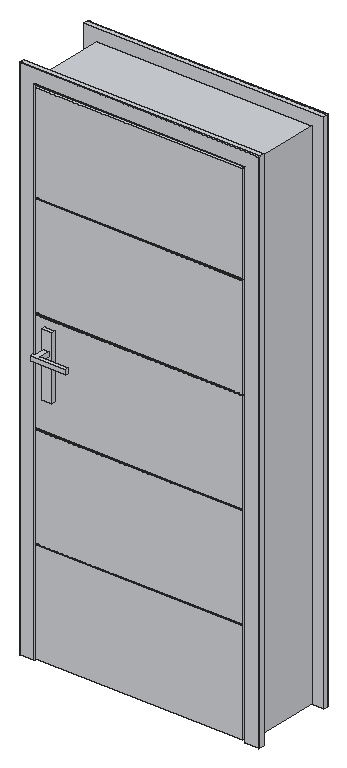
Revit family "PortaVECTORbp_E", category Drzwi, Revit 2016
Family settings
  Obiekt nadrzędny = Ściana
  Zawsze pionowo = Tak
  Tnij formami wycięć po wczytaniu = Nie
  Współdzielony = Nie
  Punkt obliczania pomieszczeń = Nie
Parameters (values of type "PN 80")
  Zakres szerokości muru [instance] = if(and(Szerokość ściany > 94 mm, Szerokość ściany < 120 mm), "B", (if(and(Szerokość ściany > 119 mm, Szerokość ściany < 140 mm), "C", (if(and(Szerokość ściany > 139 mm, Szerokość ściany < 160 mm), "D", (if(and(Szerokość ściany > 159 mm, Szerokość ściany < 180 mm), "E", (if(and(Szerokość ściany > 179 mm, Szerokość ściany < 200 mm), "F", (if(and(Szerokość ściany > 199 mm, Szerokość ściany < 220 mm), "G", (if(and(Szerokość ściany > 219 mm, Szerokość ściany < 240 mm), "H", (if(and(Szerokość ściany > 239 mm, Szerokość ściany < 260 mm), "I", (if(and(Szerokość ściany > 259 mm, Szerokość ściany < 280 mm), "J", (if(and(Szerokość ściany > 279 mm, Szerokość ściany < 301 mm), "K", "BRAK")))))))))))))))))))  # "K"
  Wysokość brutto = 2060 mm
  Szerokość ściany [instance] = 300 mm
  Szerokość brutto = 880 mm
  Model = "Porta Vector E"
  Konstrukcja analityczna = "<Brak>"
  Funkcja = Wewnętrzna
  URL = "www.porta.com.pl"
  Ss = 818 mm
  Sb = 846 mm
  Producent = "PORTA KMI POLAND"
  Keynote = ""
  Opis = "Własność Porta KMI Poland, wszelkie prawa zastrzeżone."  # constant formula
  Wysokość = 2016 mm
  Zakończenie ściany = Wg obiektu nadrzędnego
  Szerokość = 800 mm
  Materiał_skrzydło [instance] = none
  Materiał_ościeżnica [instance] = none
  Materiał_klamka [instance] = none
  Hs = 2017 mm
Types (5, lengths in mm): name | Szerokość brutto | Ss | Sb | Szerokość
  PN 70 | 780 | 718 | 746 | 700
  PN 60 | 680 | 618 | 646 | 600
  PN 80 | 880 | 818 | 846 | 800
  PN 90 | 980 | 918 | 946 | 900
  PN 100 | 1080 | 1018 | 1046 | 1000
Reference planes
  plane 1: y = 0
  plane 2 "Środek (Lewa/Prawa)": x = 0
  plane 3 "Lewy": x = -440
  plane 4 "Prawy": x = 440
  plane 5: z = 2060
  plane 6 "Zewnętrzna": y = 150
  plane 7 "Wewnętrzna": y = -150
  plane 8 "skrzydło": y = -129
Forms (mm)
  Sweep 1, solid, material <- "Materiał_ościeżnica"
    path in 3D
      loop
        line (-440, -150, 0) -> (-440, -150, 2060) -> (440, -150, 2060) -> (440, -150, 0)
    profile origin (-440, -150, 1030) x (0, -1, 0) y (1, 0, 0)
      loop
        line (-24, 39) -> (-72, 39) -> (-72, 17) -> (0, 17) -> (0, -33) -> (16, -33)
        arc (16, -33) -> (18.121, -32.121) -> (19, -30) r 3
        line (19, -30) -> (19, 24)
        arc (19, 24) -> (18.121, 26.121) -> (16, 27) r 3
        line (16, 27) -> (-24, 27) -> (-24, 39)
  Sweep 2, solid, material <- "Materiał_ościeżnica"
    path in 3D
      loop
        line (440, 150, 0) -> (440, 150, 2060) -> (-440, 150, 2060) -> (-440, 150, 0)
    profile origin (-440, 150, 1030) x (1, 0, 0) y (0, 1, 0)
      loop
        line (-33, 0) -> (17, 0) -> (17, -228) -> (39, -228) -> (39, -1)
        arc (39, -1) -> (37.536, 2.536) -> (34, 4) r 5
        line (34, 4) -> (25, 4) -> (25, 16)
        arc (25, 16) -> (24.121, 18.121) -> (22, 19) r 3
        line (22, 19) -> (-30, 19)
        arc (-30, 19) -> (-32.121, 18.121) -> (-33, 16) r 3
        line (-33, 16) -> (-33, 0)
  Sweep 3, solid, not visible
    path in 3D
      loop
        line (-440, -150, 0) -> (-440, -150, 2060)
    profile origin (-440, -150, 1030) x (0, -1, 0) y (1, 0, 0)
      loop
        line (-151, 17) -> (-149, 17) -> (-149, 19) -> (-151, 19) -> (-151, 17)
Cuts and joins
  joined: Sweep 1, Sweep 2
Lines and regions (mm)
  Opening 1
    outline origin (-3050, -150, 0) x (1, 0, 0) y (0, 0, 1)
      loop
        line (2610, 0) -> (3490, 0) -> (3490, 2060) -> (2610, 2060) -> (2610, 0)
  sketch lines
    curve 1: line (-440, -150, 0) -> (-440, -150, 2060)
    curve 2: line (-440, -150, 2060) -> (440, -150, 2060)
    curve 3: line (440, -150, 2060) -> (440, -150, 0)
    curve 4: line (-440, 150, 2060) -> (-440, 150, 0)
    curve 5: line (440, 150, 2060) -> (-440, 150, 2060)
    curve 6: line (440, 150, 0) -> (440, 150, 2060)
    curve 12: line (-440, -150, 0) -> (-440, -150, 2060)
  symbolic lines, style "DoorsPanelProjection"
    curve 7: line (409, -150, 0) -> (409, -968, 0)
    curve 8: line (409, -968, 0) -> (369, -968, 0)
    curve 9: line (369, -968, 0) -> (369, -150, 0)
    curve 10: line (369, -150, 0) -> (409, -150, 0)
  symbolic lines, style "Ugięcie rzutu"
    curve 11: arc (-409, -150, 0) -> (-169.413, -728.413, 0) -> (409, -968, 0) r 818
Text (mm)
  text "Zewnętrzna" at (-2295.016, 1099.543, 0), in view "Poziom odniesienia"
  text "Zewnętrzna" at (0, 1615.38, 3698.081), in view "Lewy"
  text "Zewnętrzna" at (0, 1036.032, 3874.932), in view "Prawy"
Dimensions and locks
  equal spacing: plane 3 "Lewy", plane 2 "Środek (Lewa/Prawa)", plane 4 "Prawy"
  "Szerokość brutto": plane 3 "Lewy" to plane 4 "Prawy"
  "Wysokość brutto": plane 5 to host wall
  host wall to plane 5 = 2060 mm  (x2)
  locked: plane 6 "Zewnętrzna" to host wall at 0
  locked: plane 7 "Wewnętrzna" to host wall
  "Sb": Sweep 1 to Sweep 1
  locked: Sweep 1 sketch curve to Sweep 1 sketch curve at 22
  Sweep 1 sketch curve to Sweep 1 sketch curve = 50 mm
  locked: Sweep 1 sketch curve to profile plane at 72
  locked: Sweep 2 sketch curve to Sweep 2 sketch curve at 50
  locked: Sweep 2 sketch curve to Sweep 2 sketch curve at 22
  locked: Sweep 2 sketch curve to plane 6 "Zewnętrzna" at 1
  locked: curve 9 to curve 7 at 40
  "Ss": curve 8 to curve 10
  equal spacing: curve 11, plane 2 "Środek (Lewa/Prawa)", curve 7
  locked: plane 7 "Wewnętrzna" to plane 8 "skrzydło" at 21
  locked: host wall to Sweep 3 sketch curve at 1
  locked: Sweep 3 sketch curve to host wall at 1
  locked: Sweep 3 sketch curve to plane 6 "Zewnętrzna" at 151
  locked: plane 7 "Wewnętrzna" to Sweep 3 sketch curve at 151
  equal spacing: nested 1, plane 2 "Środek (Lewa/Prawa)", nested 1
  locked: nested 1 to level at 8
  "Szerokość ściany": host wall to host wall
  aligned and locked: plane 3 "Lewy" to Opening 1 sketch curve
  aligned and locked: plane 5 to Opening 1 sketch curve  (x2)
  aligned and locked: Opening 1 sketch curve to plane 4 "Prawy"
  aligned and locked: Opening 1 sketch curve to level
  aligned and locked: plane 1 to host wall
  aligned and locked: Sweep 1 to Sweep 2 sketch curve
  aligned and locked: plane 7 "Wewnętrzna" to curve 10
  aligned and locked: Sweep 3 sketch curve to cut or joined group of Sweep 1, Sweep 2
  aligned and locked: Sweep 2 sketch curve to cut or joined group of Sweep 1, Sweep 2
  aligned and locked: nested 1 to plane 8 "skrzydło"
Automatic sketch dimensions
  profile plane to Sweep 1 sketch curve = 24 mm
  Sweep 1 sketch curve to profile plane = 16 mm  (x2)
  Sweep 1 sketch curve to Sweep 1 sketch curve = 3 mm
  profile plane to Sweep 1 sketch curve = 17 mm
  Sweep 1 sketch curve to Sweep 1 sketch curve = 7 mm
  Sweep 1 sketch curve to profile plane = 0 mm
  Sweep 2 sketch curve to profile plane = 0 mm
  Sweep 2 sketch curve to profile plane = 16 mm
  Sweep 2 sketch curve to Sweep 2 sketch curve = 3 mm
  Sweep 2 sketch curve to Sweep 2 sketch curve = 5 mm
  Sweep 2 sketch curve to profile plane = 4 mm
  Sweep 2 sketch curve to Sweep 2 sketch curve = 8 mm
  curve 11 to host wall = 0 mm
  Sweep 3 sketch curve to Sweep 3 sketch curve = 2 mm
Nested families
  nested 1: "skrzydło" at (0, -135.5, 0), Materiał_klamka <- "Materiał_klamka", Materiał_skrzydło <- "Materiał_skrzydło", type "skrzydło"
    with Materiał_skrzydło none, Materiał_klamka none
Definition of nested family "skrzydło"
  Parameters
    Ss = 818 mm
    Materiał_skrzydło [instance] = none
    Materiał_klamka [instance] = none
    Hs = 2017 mm
  Reference planes
    plane 1 "Tył": y = 6.5
    plane 2: z = 0
    plane 3 "Środek (Lewa/Prawa)": x = 0
    plane 4 "Lewa": x = -409
    plane 5 "Prawa": x = 409
    plane 6 "Przód": y = -33.5
    plane 7: z = 2025
    plane 8 "Centrum": y = -13.5
    plane 9: z = 8
  Forms (mm)
    Extrusion 1, solid, material <- "Materiał_skrzydło"
      sketch origin (-1191.728, -1524, 8) x (-1, 0, 0) y (0, -1, 0)
        loop
          line (-1600.728, -1490.5) -> (-1600.728, -1530.5) -> (-782.728, -1530.5) -> (-782.728, -1490.5) -> (-1600.728, -1490.5)
      from 0 to 2017
    Extrusion 2, void
      sketch origin (-409, 1871.473, 1200) x (0, -1, 0) y (0, 0, 1)
        loop
          line (1904.973, -790) -> (1904.973, -785.5) -> (1903.973, -786.5) -> (1903.973, -789) -> (1904.973, -790)
        loop
          line (1864.973, -790) -> (1865.973, -789) -> (1865.973, -786.5) -> (1864.973, -785.5) -> (1864.973, -790)
        loop
          line (1904.973, -383) -> (1904.973, -378.5) -> (1903.973, -379.5) -> (1903.973, -382) -> (1904.973, -383)
        loop
          line (1864.973, -383) -> (1865.973, -382) -> (1865.973, -379.5) -> (1864.973, -378.5) -> (1864.973, -383)
        loop
          line (1904.973, 24) -> (1904.973, 28.5) -> (1903.973, 27.5) -> (1903.973, 25) -> (1904.973, 24)
        loop
          line (1864.973, 24) -> (1865.973, 25) -> (1865.973, 27.5) -> (1864.973, 28.5) -> (1864.973, 24)
        loop
          line (1904.973, 431) -> (1904.973, 435.5) -> (1903.973, 434.5) -> (1903.973, 432) -> (1904.973, 431)
        loop
          line (1864.973, 431) -> (1865.973, 432) -> (1865.973, 434.5) -> (1864.973, 435.5) -> (1864.973, 431)
      from 0 to -818
  Cuts and joins
    Extrusion 2 cuts Extrusion 1
  Dimensions and locks
    equal spacing: plane 4 "Lewa", plane 3 "Środek (Lewa/Prawa)", plane 5 "Prawa"
    "Ss": plane 4 "Lewa" to plane 5 "Prawa"
    locked: plane 9 to level at 8
    "Hs": plane 7 to plane 9
    locked: nested 1 to plane 9 at 934
    locked: plane 9 to nested 2 at 934
    equal spacing: plane 6 "Przód", plane 8 "Centrum", plane 1 "Tył"
    locked: plane 4 "Lewa" to nested 1 at 55
    locked: plane 4 "Lewa" to nested 2 at 55
    aligned and locked: nested 1 to plane 6 "Przód"
    aligned and locked: plane 4 "Lewa" to Extrusion 1 sketch curve
    aligned and locked: plane 7 to Extrusion 1
    aligned and locked: nested 2 to nested 1
    aligned and locked: Extrusion 1 sketch curve to plane 5 "Prawa"
    aligned and locked: plane 5 "Prawa" to Extrusion 2
  Automatic sketch dimensions
    Extrusion 1 sketch curve to plane 6 "Przód" = 0 mm
    plane 1 "Tył" to Extrusion 1 sketch curve = 0 mm
    Extrusion 2 sketch curve to plane 1 "Tył" = 0 mm  (x4)
    Extrusion 2 sketch curve to plane 6 "Przód" = 0 mm  (x4)
    plane 1 "Tył" to Extrusion 2 sketch curve = 1 mm  (x4)
    plane 6 "Przód" to Extrusion 2 sketch curve = 1 mm  (x4)
    plane 9 to Extrusion 2 sketch curve = 402 mm
    Extrusion 2 sketch curve to Extrusion 2 sketch curve = 0 mm  (x4)
    Extrusion 2 sketch curve to Extrusion 2 sketch curve = 1 mm  (x16)
    Extrusion 2 sketch curve to Extrusion 2 sketch curve = 2.5 mm  (x8)
    Extrusion 2 sketch curve to Extrusion 2 sketch curve = 402.5 mm  (x2)
    Extrusion 2 sketch curve to plane 7 = 394 mm
  Nested families
    nested 1: "KLAMKA" at (-354, -33.5, 1067), Materiał klamki <- "Materiał_klamka", type "KLAMKA"
      with Materiał klamki none
    nested 2: "KLAMKA" at (-354, 6.5, 1067), Materiał klamki <- "Materiał_klamka", type "KLAMKA"
      with Materiał klamki none
  Definition of nested family "KLAMKA"
    Parameters
      Materiał klamki [instance] = none
      Assembly Code = ""
      Default Elevation = 1219.2 mm
    Reference planes
      plane 1 "Center (Front/Back)": y = 0
      plane 2: z = 0
      plane 3 "Center (Left/Right)": x = 0
      plane 4: z = 125
      plane 5: z = -125
      plane 6: x = 20
      plane 7: x = -20
      plane 8: y = -70
      plane 9: y = -60
      plane 10: x = 10
      plane 11: x = -10
      plane 12: x = 120
      plane 13: z = 35
      plane 14: z = 55
      plane 15: y = -15
    Forms (mm)
      Extrusion 1, solid, material <- "Materiał klamki"
        sketch origin (0, 0, 0) x (1, 0, 0) y (0, 0, 1)
          loop
            line (-20, 125) -> (-20, -125) -> (20, -125) -> (20, 125) -> (-20, 125)
        from 0 to 15
      Extrusion 2, solid, material <- "Materiał klamki"
        sketch origin (0, 0, 0) x (1, 0, 0) y (0, 1, 0)
          loop
            line (-10, -15) -> (-10, -60) -> (-20, -60) -> (-20, -70) -> (120, -70) -> (120, -60) -> (10, -60) -> (10, -15) -> (-10, -15)
        from 35 to 55
    Dimensions and locks
      equal spacing: plane 4, plane 2, plane 5
      plane 4 to plane 5 = 250 mm
      equal spacing: plane 7, plane 3 "Center (Left/Right)", plane 6
      plane 7 to plane 6 = 40 mm
      plane 8 to plane 1 "Center (Front/Back)" = 70 mm
      plane 11 to plane 3 "Center (Left/Right)" to plane 10 = 10 mm locked, 10 mm locked
      plane 7 to plane 12 = 140 mm
      plane 15 to plane 1 "Center (Front/Back)" = 15 mm
      aligned and locked: plane 7 to Extrusion 1 sketch curve
      aligned and locked: Extrusion 1 sketch curve to plane 4
      aligned and locked: plane 5 to Extrusion 1 sketch curve
      aligned and locked: Extrusion 1 sketch curve to plane 6
      aligned and locked: plane 15 to Extrusion 1
      aligned and locked: Extrusion 1 to plane 1 "Center (Front/Back)"
      aligned and locked: plane 14 to Extrusion 2
      aligned and locked: Extrusion 2 to plane 13
    Automatic sketch dimensions
      Extrusion 2 sketch curve to plane 7 = 0 mm
      Extrusion 2 sketch curve to plane 9 = 0 mm  (x2)
      Extrusion 2 sketch curve to plane 11 = 0 mm
      Extrusion 2 sketch curve to plane 10 = 0 mm
      Extrusion 2 sketch curve to plane 12 = 0 mm
      Extrusion 2 sketch curve to plane 8 = 0 mm
      Extrusion 2 sketch curve to plane 15 = 0 mm
